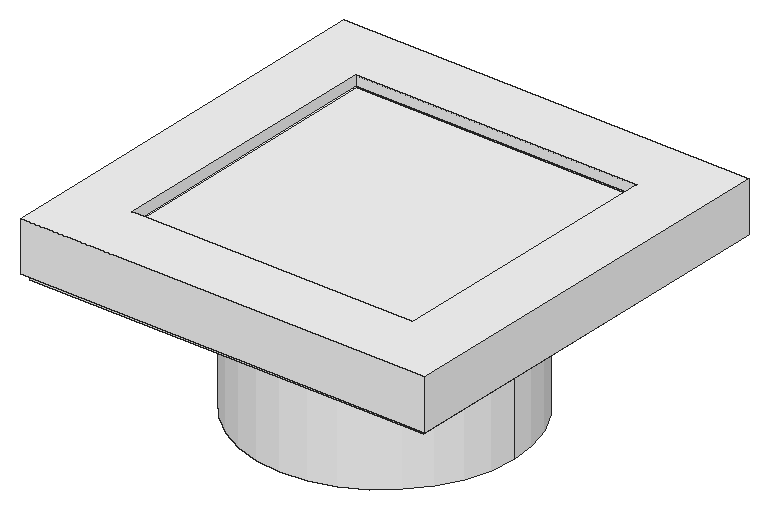
Revit family "Gira_029601", category Electrical Fixtures, host Face, Revit 2017
Family settings
  Host = Face
  Maintain Annotation Orientation = Yes
  Round Connector Dimension = Use Diameter
  Part Type = Normal
  Cut with Voids When Loaded = No
  Shared = No
  Room Calculation Point = No
Parameters (values of type "Rocker System 55 cr.white")
  With exchangeable lens/symbol = "No"
  White [instance] = White
  URL = "http://katalog.gira.de/en/datenblatt.html?artikelnr=029601"
  Suitable for touch sensor connector for bus system = "Yes"
  Scannable symbol / barrier free = "No"
  Name = "Rocker System 55 cr.white"
  Monitoring window/light outlet = "No"
  Model = "Single rocker"
  Manufacturer URL = "https://www.gira.de/"
  Manufacturer = "Gira"
  HeinzeBIM = "https://bimportal.heinze.de/bim/rocker-system-55-cr-white/b40bf290821980a04723846c06a7309ba4703442"
  HAN = "029601"
  GTIN = "4010337296010"
  Description = "Rock. Sys55 CW,Rocker,,cream white glossy,"
  Default Elevation = 1219.2 mm
  Data sheet (1) = "https://katalog.gira.de/en/download.html?artikelnr=029601"
  Category = "Control element/cover plate for domestic switching devices"
  BIM (1) = "https://media.stage.bim.site/public/gira/36a6b08/Sys55_Komplettgerät_Schalten und Tasten.rfa?public/gira/36a6b08/Sys55_Komplettgerät_Schalten und Tasten.rfa"
  Available = "No"
Reference planes
  plane 1 "Center (Front/Back)": y = 0
  plane 2: z = 0
  plane 3 "Center (Left/Right)": x = 0
Forms (mm)
  Extrusion 1, solid, material "White" <- "White", detail levels medium
    sketch origin (0, 0, 0) x (1, 0, 0) y (0, 1, 0)
      loop
        line (-40.4, 40.4) -> (-40.4, -40.4) -> (40.4, -40.4) -> (40.4, 40.4) -> (-40.4, 40.4)
      loop
        line (-28, 28) -> (-28, -28) -> (28, -28) -> (28, 28) -> (-28, 28)
    from 0 to 10
  Extrusion 2, solid, material "White" <- "White", detail levels fine
    sketch origin (0, 0, 0) x (1, 0, 0) y (0, 1, 0)
      loop
        line (-40.4, 40.4) -> (-40.4, -40.4) -> (40.4, -40.4) -> (40.4, 40.4) -> (-40.4, 40.4)
      loop
        line (-28, 28) -> (-28, -28) -> (28, -28) -> (28, 28) -> (-28, 28)
    from 0 to 10
  Extrusion 3, void
    sketch origin (0, 0, 0) x (1, 0, 0) y (0, 1, 0)
      loop
        line (-38.4, 38.4) -> (-38.4, -38.4) -> (38.4, -38.4) -> (38.4, 38.4) -> (-38.4, 38.4)
    from 0 to 8
  Extrusion 4, solid, material "White" <- "White", detail levels medium+fine
    sketch origin (0, 0, 0) x (1, 0, 0) y (0, 1, 0)
      loop
        line (-39.4, 39.4) -> (-39.4, -39.4) -> (39.4, -39.4) -> (39.4, 39.4) -> (-39.4, 39.4)
    from 0 to -1
  Extrusion 5, solid, material "White" <- "White", detail levels medium+fine
    sketch origin (0, 0, 0) x (1, 0, 0) y (0, 1, 0)
      loop
        line (-35.5, 35.5) -> (-35.5, -35.5) -> (35.5, -35.5) -> (35.5, 35.5) -> (-35.5, 35.5)
    from -2 to -3
  Extrusion 6, solid, material "White" <- "White", detail levels medium+fine
    sketch origin (0, 0, 0) x (1, 0, 0) y (0, 1, 0)
      loop
        circle (0, 0) r 26
    from 0 to -27.5
  Extrusion 7, solid, material "White" <- "White", detail levels coarse
    sketch origin (0, 0, 0) x (1, 0, 0) y (0, 1, 0)
      loop
        line (-40.4, 40.4) -> (-40.4, -40.4) -> (40.4, -40.4) -> (40.4, 40.4) -> (-40.4, 40.4)
    from -27.5 to 10
Cuts and joins
  Extrusion 3 cuts Extrusion 2
Dimensions and locks
  aligned and locked: plane 2 to host face
  aligned and locked: level to host face
  aligned and locked: plane 3 "Center (Left/Right)" to nested 2
  aligned and locked: plane 1 "Center (Front/Back)" to nested 2
Nested families
  nested 1: "Sys55_Abdeckung_Schalten und Tasten_floor_base" at (0, 0, 0), type "Sys55_Abdeckung_Schalten und Tasten_floor_base"
  nested 2: "Schalter" at (0, 0, 0), type "Schalter"
Connectors
  electrical at (0, 0, -27.5)
    settings: on Extrusion 6, index 1, voltage 220 V, apparent load 0 VA, apparent load phase1 0 VA, apparent load phase2 0 VA, apparent load phase3 0 VA, power factor 1, load classification "Other", number of poles 1, system type 30, power factor state 1, is connector primary yes, connector utility no, sub classification motor no, connector description ""
Definition of nested family "Sys55_Abdeckung_Schalten und Tasten_floor_base"
  Parameters
    Default Elevation = 1219.2 mm
    White [instance] = none
  Reference planes
    plane 1 "Center (Front/Back)": y = 0
    plane 2: z = 0
    plane 3 "Center (Left/Right)": x = 0
  Forms (mm)
    Extrusion 1, solid
      sketch origin (0, 0, 0) x (1, 0, 0) y (0, 1, 0)
        loop
          line (-1219.2, 1219.2) -> (-1219.2, -1219.2) -> (1219.2, -1219.2) -> (1219.2, 1219.2) -> (-1219.2, 1219.2)
      from 0 to -304.8
    Extrusion 2, solid, material <- "White", detail levels fine
      sketch origin (0, 0, 0) x (1, 0, 0) y (0, 1, 0)
        loop
          line (-27.5, 27.5) -> (-27.5, -27.5) -> (27.5, -27.5) -> (27.5, 27.5) -> (-27.5, 27.5)
      from 0 to 8
    Extrusion 3, void
      sketch origin (0, 0, 0) x (1, 0, 0) y (0, 1, 0)
        loop
          line (26, 26) -> (-26, 26) -> (-26, -26) -> (26, -26) -> (26, 26)
      from 0 to 6
    Extrusion 4, solid, material <- "White", detail levels medium
      sketch origin (0, 0, 0) x (1, 0, 0) y (0, 1, 0)
        loop
          line (-27.5, 27.5) -> (-27.5, -27.5) -> (27.5, -27.5) -> (27.5, 27.5) -> (-27.5, 27.5)
      from 0 to 8
    Extrusion 5, solid, material <- "White", detail levels medium
      sketch origin (0, 0, 0) x (1, 0, 0) y (0, 1, 0)
        loop
          line (11, -17.5) -> (11, 17.5) -> (-11, 17.5) -> (-11, -17.5) -> (11, -17.5)
      from -6 to 6
    Extrusion 6, solid, material <- "White", detail levels fine
      sketch origin (0, 0, 0) x (1, 0, 0) y (0, 1, 0)
        loop
          line (11, 17.5) -> (-11, 17.5) -> (-11, 16.5) -> (11, 16.5) -> (11, 17.5)
        loop
          line (-11, -16.5) -> (-11, -17.5) -> (11, -17.5) -> (11, -16.5) -> (-11, -16.5)
      from -4 to 6
    Extrusion 7, solid, material <- "White", detail levels fine
      sketch origin (0, 0, 0) x (1, 0, 0) y (0, 1, 0)
        loop
          arc (5, 9.347) -> (0, 10.6) -> (-5, 9.347) r 10.6
          line (-5, 9.347) -> (-5, -9.347)
          arc (-5, -9.347) -> (0, -10.6) -> (5, -9.347) r 10.6
          line (5, -9.347) -> (5, 9.347)
      from -6 to 6
    Extrusion 8, solid, material <- "White", detail levels coarse
      sketch origin (0, 0, 0) x (1, 0, 0) y (0, 1, 0)
        loop
          line (-27.5, 27.5) -> (-27.5, -27.5) -> (27.5, -27.5) -> (27.5, 27.5) -> (-27.5, 27.5)
      from -6 to 8
  Cuts and joins
    Extrusion 3 cuts Extrusion 2
  Dimensions and locks
    aligned and locked: plane 2 to Extrusion 1
    aligned and locked: level to Extrusion 1
Definition of nested family "Schalter"
  Reference planes
    plane 1: y = 0
    plane 2: x = 0
  Lines and regions (mm)
    detail lines
      curve 1: circle (1.375, 2.778, 0) r 0.8 normal (0, 0, 1)
      curve 2: line (1.021, 2.061, 0) -> (0, 0, 0)
      curve 3: line (0, 0, 0) -> (-0.538, 0.266, 0)
  Dimensions and locks
    curve 2 to curve 2 = 2.3 mm
    curve 3 to curve 2 = 0.6 mm
    radius of curve 1 = 0.8 mm
